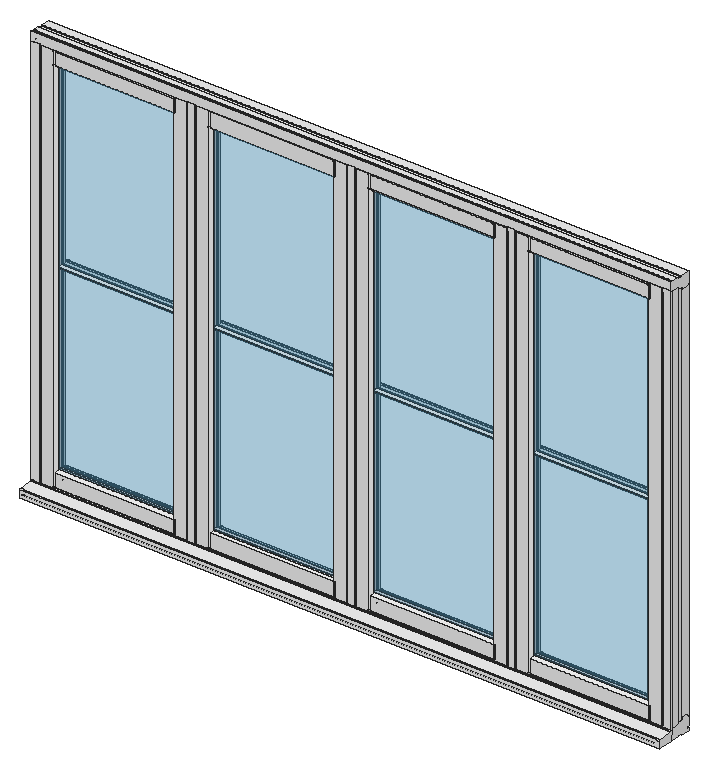
Revit family "C4-2P", category Windows, host Wall, Revit 2012
Parameters
  metal = Matel
  Wood = WindowColor
  Str.Tolrance = 11 mm
  Height = 1770 mm
  Glass = Glass
  Default Sill Height = 914.4 mm
  Wall Closure = By host
  Width = 2752 mm
Reference planes
  plane 1 "Center (Front/Back)": y = 0
  plane 2: z = 0
  plane 3 "Center (Left/Right)": x = 0
  plane 4 "Left": x = -1376
  plane 5 "Right": x = 1376
  plane 6 "Sill": z = 914.4
  plane 7 "Top": z = 2684.4
  plane 8: y = 33.076
  plane 9: z = 2648.4
  plane 10: x = 1336
  plane 11: x = -1336
  plane 12: z = 2644.4
  plane 13: z = 962.4
  plane 14: x = 1278
  plane 15: x = -1278
  plane 16: z = 1024.4
  plane 17: z = 2586.4
  plane 18: z = 2628.4
  plane 19: z = 1799.4
  plane 20: x = 688
  plane 21: x = -688
  plane 22: x = 706
  plane 23: x = 670
  plane 24: x = -706
  plane 25: x = -670
  plane 26: x = 18
  plane 27: x = -18
  plane 28: x = 1021
  plane 29: x = 344
  plane 30: x = -344
  plane 31: x = -1021
Forms (mm)
  Sweep 1, solid, material "Matel" <- "metal"
    path origin (0, 0, 0) x (1, 0, 0) y (0, 0, 1)
      loop
        line (1376, 914.4) -> (1376, 2648.4)
    profile origin (1376, 0, 1781.4) x (-1, 0, 0) y (0, -1, 0)
      loop
        line (0, -10) -> (0, -47) -> (43, -47) -> (43, -44)
        arc (43, -44) -> (50.071, -41.071) -> (53, -34) r 10
        line (53, -34) -> (56, -34) -> (56, -18) -> (36, -18) -> (36, -14) -> (44, -14) -> (44, -4) -> (36, -4) -> (36, -1) -> (44, -1) -> (44, 7) -> (36, 7) -> (36, 31.727)
        arc (36, 31.727) -> (34.922, 33.441) -> (33, 34.079) r 3
        line (33, 34.079) -> (33, 41)
        arc (33, 41) -> (34.834, 41.499) -> (36, 43) r 3
        line (36, 43) -> (36, 47) -> (0, 47) -> (0, 42) -> (2, 42)
        arc (2, 42) -> (5, 39) -> (2, 36) r 3
        line (2, 36) -> (0, 36) -> (0, 10) -> (5, 10) -> (5, -10) -> (0, -10)
  Sweep 2, solid, material "Matel" <- "metal"
    path origin (0, 0, 0) x (1, 0, 0) y (0, 0, 1)
      loop
        line (1336, 914.4) -> (1336, 2644.4)
    profile origin (1336, 0, 1779.4) x (-1, 0, 0) y (0, -1, 0)
      loop
        arc (8, -11.25) -> (8.879, -13.371) -> (11, -14.25) r 3
        line (11, -14.25) -> (52, -14.25) -> (52, 33.75) -> (68, 33.75) -> (68, 35.75) -> (58, 45.75) -> (3, 45.75)
        arc (3, 45.75) -> (0.879, 44.871) -> (0, 42.75) r 3
        line (0, 42.75) -> (0, 40.75)
        arc (0, 40.75) -> (0.879, 38.629) -> (3, 37.75) r 3
        line (3, 37.75) -> (8, 37.75) -> (8, 26.75)
        arc (8, 26.75) -> (8.586, 25.336) -> (10, 24.75) r 2
        line (10, 24.75) -> (10, 6.75)
        arc (10, 6.75) -> (8.586, 6.164) -> (8, 4.75) r 2
        line (8, 4.75) -> (8, -11.25)
  Sweep 3, solid, material "Matel" <- "metal"
    path origin (0, 0, 0) x (-1, 0, 0) y (0, 0, 1)
      loop
        line (1376, 914.4) -> (1376, 2648.4)
    profile origin (-1376, 0, 1781.4) x (-1, 0, 0) y (0, -1, 0)
      loop
        line (0, -10) -> (-5, -10) -> (-5, 10) -> (0, 10) -> (0, 36) -> (-2, 36)
        arc (-2, 36) -> (-5, 39) -> (-2, 42) r 3
        line (-2, 42) -> (0, 42) -> (0, 47) -> (-36, 47) -> (-36, 43)
        arc (-36, 43) -> (-34.834, 41.499) -> (-33, 41) r 3
        line (-33, 41) -> (-33, 34.079)
        arc (-33, 34.079) -> (-34.922, 33.441) -> (-36, 31.727) r 3
        line (-36, 31.727) -> (-36, 7) -> (-44, 7) -> (-44, -1) -> (-36, -1) -> (-36, -4) -> (-44, -4) -> (-44, -14) -> (-36, -14) -> (-36, -18) -> (-56, -18) -> (-56, -34) -> (-53, -34)
        arc (-53, -34) -> (-50.071, -41.071) -> (-43, -44) r 10
        line (-43, -44) -> (-43, -47) -> (0, -47) -> (0, -10)
  Sweep 4, solid, material "Matel" <- "metal"
    path origin (-2484.788, 0, 2651.344) x (0, 0, 1) y (1, 0, 0)
      loop
        line (33.056, 1108.788) -> (33.056, 3860.788)
    profile origin (0, 0, 2684.4) x (0, 0, 1) y (0, -1, 0)
      loop
        line (0, -10) -> (-5, -10) -> (-5, 10) -> (0, 10) -> (0, 36) -> (-2, 36)
        arc (-2, 36) -> (-5, 39) -> (-2, 42) r 3
        line (-2, 42) -> (0, 42) -> (0, 47) -> (-36, 47) -> (-36, 43)
        arc (-36, 43) -> (-34.834, 41.499) -> (-33, 41) r 3
        line (-33, 41) -> (-33, 34.079)
        arc (-33, 34.079) -> (-34.922, 33.441) -> (-36, 31.727) r 3
        line (-36, 31.727) -> (-36, 7) -> (-44, 7) -> (-44, -1) -> (-36, -1) -> (-36, -4) -> (-44, -4) -> (-44, -14) -> (-36, -14) -> (-36, -18) -> (-56, -18) -> (-56, -34) -> (-53, -34)
        arc (-53, -34) -> (-50.071, -41.071) -> (-43, -44) r 10
        line (-43, -44) -> (-43, -47) -> (0, -47) -> (0, -10)
  Sweep 5, solid, material "Matel" <- "metal"
    path origin (0, 0, 0) x (1, 0, 0) y (0, 0, 1)
      loop
        line (1376, 914.4) -> (-1376, 914.4)
    profile origin (0, 0, 914.4) x (0, 0, -1) y (0, -1, 0)
      loop
        line (-55, -46) -> (-20, -46) -> (-20, -36) -> (-10, -36) -> (-10, -46) -> (0, -46) -> (0, -9) -> (-5, -9) -> (-5, 11) -> (0, 11) -> (0, 37) -> (-2, 37)
        arc (-2, 37) -> (-5, 40) -> (-2, 43) r 3
        line (-2, 43) -> (0, 43) -> (0, 48) -> (-23, 48) -> (-23, 43) -> (-38, 43) -> (-38, 48) -> (-41, 48)
        arc (-41, 48) -> (-42.414, 47.414) -> (-43, 46) r 2
        line (-43, 46) -> (-48, 6) -> (-53, 6) -> (-56, -17) -> (-57, -17) -> (-57, -23) -> (-60, -23) -> (-60, -17) -> (-68, -17) -> (-68, -33) -> (-65, -33)
        arc (-65, -33) -> (-62.071, -40.071) -> (-55, -43) r 10
        line (-55, -43) -> (-55, -46)
  Sweep 6, solid, material "Matel" <- "metal"
    path origin (0, 0, 0) x (1, 0, 0) y (0, 0, 1)
      loop
        line (1376, 914.4) -> (-1376, 914.4)
    profile origin (0, 0, 914.4) x (0, 0, -1) y (0, -1, 0)
      loop
        line (-2, 103) -> (0, 103) -> (0, 108) -> (-28, 108)
        arc (-28, 108) -> (-30.068, 107.174) -> (-30.996, 105.149) r 3
        line (-30.996, 105.149) -> (-38, 48) -> (-38, 43) -> (-23, 43) -> (-23, 48) -> (0, 48) -> (0, 97) -> (-2, 97)
        arc (-2, 97) -> (-5, 100) -> (-2, 103) r 3
  Sweep 7, solid, material "Matel" <- "metal"
    path origin (0, 0, 0) x (1, 0, 0) y (0, 0, 1)
      loop
        line (1284, 957.4) -> (758, 957.4)
    profile origin (1021, 0, 957.4) x (0, 0, -1) y (0, -1, 0)
      loop
        line (-12, -11.75) -> (-12, 4.25)
        arc (-12, 4.25) -> (-12.586, 5.664) -> (-14, 6.25) r 2
        line (-14, 6.25) -> (-14, 24.25)
        arc (-14, 24.25) -> (-12.586, 24.836) -> (-12, 26.25) r 2
        line (-12, 26.25) -> (-12, 37.25) -> (-3, 37.25)
        arc (-3, 37.25) -> (-0.879, 38.129) -> (0, 40.25) r 3
        line (0, 40.25) -> (0, 42.25)
        arc (0, 42.25) -> (-0.879, 44.371) -> (-3, 45.25) r 3
        line (-3, 45.25) -> (-62, 45.25) -> (-72, 35.25) -> (-72, 33.25) -> (-56, 33.25) -> (-56, -14.75) -> (-15, -14.75)
        arc (-15, -14.75) -> (-12.879, -13.871) -> (-12, -11.75) r 3
  Sweep 8, solid, material "Matel" <- "metal"
    path origin (0, 0, 0) x (1, 0, 0) y (0, 0, 1)
      loop
        line (1278, 2586.4) -> (764, 2586.4) -> (764, 1019.4) -> (1278, 1019.4) -> (1278, 2586.4)
    profile origin (1021, 0, 2586.4) x (0, 0, -1) y (0, -1, 0)
      loop
        line (-1, -10) -> (-1, -7)
        arc (-1, -7) -> (4.657, -4.657) -> (7, 1) r 8
        line (7, 1) -> (10, 1) -> (10, 5) -> (6, 6) -> (6, 9) -> (-6, 9) -> (-6, -10) -> (-1, -10)
  Sweep 9, solid
    path origin (0, 0, 0) x (1, 0, 0) y (0, 0, 1)
      loop
        line (-764, 2586.4) -> (-1278, 2586.4) -> (-1278, 1024.4) -> (-764, 1024.4) -> (-764, 2586.4)
    profile origin (-1021, 0, 2586.4) x (0, 0, -1) y (0, -1, 0)
      loop
        line (-6, 13.165) -> (4, 13.165) -> (4, 29.165) -> (-6, 29.165) -> (-6, 13.165)
  Extrusion 10, solid, material "Glass" <- "Glass"
    sketch origin (0, 0, 0) x (1, 0, 0) y (0, 0, 1)
      loop
        line (1278, 2586.4) -> (764, 2586.4) -> (764, 1024.4) -> (1278, 1024.4) -> (1278, 2586.4)
      loop
        line (76, 2586.4) -> (76, 1024.4) -> (612, 1024.4) -> (612, 2586.4) -> (76, 2586.4)
      loop
        line (-1284, 2586.4) -> (-1284, 1024.4) -> (-758, 1024.4) -> (-758, 2586.4) -> (-1284, 2586.4)
      loop
        line (-76, 2586.4) -> (-618, 2586.4) -> (-618, 1024.4) -> (-76, 1024.4) -> (-76, 2586.4)
    from 29.165 to 33.165
  Extrusion 11, solid, material "Glass" <- "Glass"
    sketch origin (0, -51.875, 0) x (1, 0, 0) y (0, 0, -1)
      loop
        line (1278, -2586.4) -> (1278, -1024.4) -> (758, -1024.4) -> (758, -2586.4) -> (1278, -2586.4)
      loop
        line (76, -2586.4) -> (612, -2586.4) -> (612, -1025.4) -> (76, -1025.4) -> (76, -2586.4)
      loop
        line (-1278, -2586.4) -> (-764, -2586.4) -> (-764, -1013.4) -> (-1278, -1013.4) -> (-1278, -2586.4)
      loop
        line (-76, -2586.4) -> (-76, -1025.4) -> (-612, -1025.4) -> (-612, -2586.4) -> (-76, -2586.4)
    from 38.875 to 42.875
  Sweep 12, void
    path origin (0, 0, 0) x (1, 0, 0) y (0, 1, 0)
      loop
        line (-1376, 0) -> (1376, 0)
    profile origin (0, 0, 0) x (0, 1, 0) y (0, 0, 1)
      loop
        line (46, 969.4) -> (43, 969.4)
        arc (43, 969.4) -> (40.071, 976.471) -> (33, 979.4) r 10
        line (33, 979.4) -> (33, 982.4) -> (17, 982.4) -> (17, 974.4) -> (23, 974.4) -> (23, 971.4) -> (17, 971.4) -> (17, 970.4) -> (-6, 967.4) -> (-6, 962.4) -> (-46, 957.4)
        arc (-46, 957.4) -> (-47.414, 956.814) -> (-48, 955.4) r 2
        line (-48, 955.4) -> (-48, 952.4) -> (-80.364, 948.378) -> (-105.37, 945.377) -> (-130.37, 942.377)
        arc (-130.37, 942.377) -> (-132.248, 941.386) -> (-133, 939.4) r 3
        line (-133, 939.4) -> (-133, 909.4) -> (57, 909.4) -> (57, 969.4) -> (46, 969.4)
  Sweep 13, void
    path origin (0, 0, 0) x (1, 0, 0) y (0, 1, 0)
      loop
        line (-1376, 0) -> (1376, 0)
    profile origin (0, 0, 0) x (0, 1, 0) y (0, 0, 1)
      loop
        line (47, 2641.4) -> (57, 2641.4) -> (57, 2691.4) -> (-58, 2691.4) -> (-58, 2648.4) -> (-47, 2648.4) -> (-43, 2648.4)
        arc (-43, 2648.4) -> (-41.499, 2649.566) -> (-41, 2651.4) r 3
        line (-41, 2651.4) -> (-34.079, 2651.4)
        arc (-34.079, 2651.4) -> (-33.441, 2649.478) -> (-31.727, 2648.4) r 3
        line (-31.727, 2648.4) -> (-7, 2648.4) -> (-7, 2640.4) -> (1, 2640.4) -> (1, 2648.4) -> (4, 2648.4) -> (4, 2640.4) -> (14, 2640.4) -> (14, 2648.4) -> (18, 2648.4) -> (18, 2628.4) -> (34, 2628.4) -> (34, 2631.4)
        arc (34, 2631.4) -> (41.071, 2634.329) -> (44, 2641.4) r 10
        line (44, 2641.4) -> (47, 2641.4)
  Sweep 14, solid, material "Matel" <- "metal"
    path origin (0, 0, 0) x (1, 0, 0) y (0, 0, 1)
      loop
        line (1278, 1799.4) -> (-1278, 1799.4)
    profile origin (0, 0, 1799.4) x (0, 0, -1) y (0, -1, 0)
      loop
        line (10, -10.711) -> (-10, -10.711) -> (-10, -16.711) -> (-8, -16.711) -> (-8, -19.211)
        arc (-8, -19.211) -> (-6.294, -23.727) -> (-2.5, -26.711) r 9
        line (-2.5, -26.711) -> (-2.5, -28.711) -> (2.5, -28.711) -> (2.5, -26.711)
        arc (2.5, -26.711) -> (6.294, -23.727) -> (8, -19.211) r 9
        line (8, -19.211) -> (8, -16.711) -> (10, -16.711) -> (10, -10.711)
      loop
        line (10, 18.378) -> (2.551, 26.532) -> (2.551, 28.532) -> (-2.449, 28.532) -> (-2.449, 26.532) -> (-10, 15.578) -> (10, 15.578) -> (10, 18.378)
  Sweep 15, solid, material "Matel" <- "metal"
    path origin (0, 0, 0) x (1, 0, 0) y (0, 0, 1)
      loop
        line (1278, 1799.4) -> (-1278, 1799.4)
    profile origin (0, 0, 1799.4) x (0, 0, -1) y (0, -1, 0)
      loop
        line (10, -5.465) -> (10, 10.535) -> (-10, 10.535) -> (-10, -5.465) -> (10, -5.465)
  Sweep 16, solid, material "Matel" <- "metal"
    path origin (0, 0, 0) x (1, 0, 0) y (0, 0, 1)
      loop
        line (688, 2648.4) -> (688, 952.4)
    profile origin (688, 0, 1800.4) x (0, -1, 0) y (1, 0, 0)
      loop
        line (43, -14) -> (47, -14) -> (47, 14) -> (43, 14)
        arc (43, 14) -> (41.586, 13.414) -> (41, 12) r 2
        line (41, 12) -> (41, 11) -> (34, 11) -> (34, 12)
        arc (34, 12) -> (33.414, 13.414) -> (32, 14) r 2
        line (32, 14) -> (7, 14) -> (7, 20) -> (-1, 20) -> (-1, 14) -> (-4, 14) -> (-4, 22) -> (-14, 22) -> (-14, 14) -> (-18, 14) -> (-18, 34) -> (-34, 34) -> (-34, 31)
        arc (-34, 31) -> (-41.071, 28.071) -> (-44, 21) r 10
        line (-44, 21) -> (-47, 21) -> (-47, -21) -> (-44, -21)
        arc (-44, -21) -> (-41.071, -28.071) -> (-34, -31) r 10
        line (-34, -31) -> (-34, -34) -> (-18, -34) -> (-18, -14) -> (-14, -14) -> (-14, -22) -> (-4, -22) -> (-4, -14) -> (-1, -14) -> (-1, -20) -> (7, -20) -> (7, -14) -> (32, -14)
        arc (32, -14) -> (33.414, -13.414) -> (34, -12) r 2
        line (34, -12) -> (34, -11) -> (41, -11) -> (41, -12)
        arc (41, -12) -> (41.586, -13.414) -> (43, -14) r 2
  Sweep 17, solid, material "Matel" <- "metal"
    path origin (0, 0, 0) x (-1, 0, 0) y (0, 0, 1)
      loop
        line (688, 2648.4) -> (688, 952.4)
    profile origin (-688, 0, 1800.4) x (0, -1, 0) y (1, 0, 0)
      loop
        arc (43, 14) -> (41.586, 13.414) -> (41, 12) r 2
        line (41, 12) -> (41, 11) -> (34, 11) -> (34, 12)
        arc (34, 12) -> (33.414, 13.414) -> (32, 14) r 2
        line (32, 14) -> (7, 14) -> (7, 20) -> (-1, 20) -> (-1, 14) -> (-4, 14) -> (-4, 22) -> (-14, 22) -> (-14, 14) -> (-18, 14) -> (-18, 34) -> (-34, 34) -> (-34, 31)
        arc (-34, 31) -> (-41.071, 28.071) -> (-44, 21) r 10
        line (-44, 21) -> (-47, 21) -> (-47, -21) -> (-44, -21)
        arc (-44, -21) -> (-41.071, -28.071) -> (-34, -31) r 10
        line (-34, -31) -> (-34, -34) -> (-18, -34) -> (-18, -14) -> (-14, -14) -> (-14, -22) -> (-4, -22) -> (-4, -14) -> (-1, -14) -> (-1, -20) -> (7, -20) -> (7, -14) -> (32, -14)
        arc (32, -14) -> (33.414, -13.414) -> (34, -12) r 2
        line (34, -12) -> (34, -11) -> (41, -11) -> (41, -12)
        arc (41, -12) -> (41.586, -13.414) -> (43, -14) r 2
        line (43, -14) -> (47, -14) -> (47, 14) -> (43, 14)
  Sweep 18, solid, material "Matel" <- "metal"
    path origin (680, 0, 0) x (-1, 0, 0) y (0, 0, 1)
      loop
        line (680, 2648.4) -> (680, 952.4)
    profile origin (0, 0, 1800.4) x (0, -1, 0) y (1, 0, 0)
      loop
        arc (43, 14) -> (41.586, 13.414) -> (41, 12) r 2
        line (41, 12) -> (41, 11) -> (34, 11) -> (34, 12)
        arc (34, 12) -> (33.414, 13.414) -> (32, 14) r 2
        line (32, 14) -> (7, 14) -> (7, 20) -> (-1, 20) -> (-1, 14) -> (-4, 14) -> (-4, 22) -> (-14, 22) -> (-14, 14) -> (-18, 14) -> (-18, 34) -> (-34, 34) -> (-34, 31)
        arc (-34, 31) -> (-41.071, 28.071) -> (-44, 21) r 10
        line (-44, 21) -> (-47, 21) -> (-47, -21) -> (-44, -21)
        arc (-44, -21) -> (-41.071, -28.071) -> (-34, -31) r 10
        line (-34, -31) -> (-34, -34) -> (-18, -34) -> (-18, -14) -> (-14, -14) -> (-14, -22) -> (-4, -22) -> (-4, -14) -> (-1, -14) -> (-1, -20) -> (7, -20) -> (7, -14) -> (32, -14)
        arc (32, -14) -> (33.414, -13.414) -> (34, -12) r 2
        line (34, -12) -> (34, -11) -> (41, -11) -> (41, -12)
        arc (41, -12) -> (41.586, -13.414) -> (43, -14) r 2
        line (43, -14) -> (47, -14) -> (47, 14) -> (43, 14)
  Sweep 19, solid, material "Matel" <- "metal"
    path origin (1376, 0, 0) x (-1, 0, 0) y (0, 0, 1)
      loop
        line (1358, 914.4) -> (1358, 2644.4)
    profile origin (18, 0, 1779.4) x (-1, 0, 0) y (0, -1, 0)
      loop
        line (-8, -11.25) -> (-8, 4.75)
        arc (-8, 4.75) -> (-8.586, 6.164) -> (-10, 6.75) r 2
        line (-10, 6.75) -> (-10, 24.75)
        arc (-10, 24.75) -> (-8.586, 25.336) -> (-8, 26.75) r 2
        line (-8, 26.75) -> (-8, 37.75) -> (-3, 37.75)
        arc (-3, 37.75) -> (-0.879, 38.629) -> (0, 40.75) r 3
        line (0, 40.75) -> (0, 42.75)
        arc (0, 42.75) -> (-0.879, 44.871) -> (-3, 45.75) r 3
        line (-3, 45.75) -> (-58, 45.75) -> (-68, 35.75) -> (-68, 33.75) -> (-52, 33.75) -> (-52, -14.25) -> (-11, -14.25)
        arc (-11, -14.25) -> (-8.879, -13.371) -> (-8, -11.25) r 3
  Sweep 20, solid, material "Matel" <- "metal"
    path origin (-1376, 0, 0) x (1, 0, 0) y (0, 0, 1)
      loop
        line (1358, 914.4) -> (1358, 2644.4)
    profile origin (-18, 0, 1779.4) x (-1, 0, 0) y (0, -1, 0)
      loop
        arc (8, -11.25) -> (8.879, -13.371) -> (11, -14.25) r 3
        line (11, -14.25) -> (52, -14.25) -> (52, 33.75) -> (68, 33.75) -> (68, 35.75) -> (58, 45.75) -> (3, 45.75)
        arc (3, 45.75) -> (0.879, 44.871) -> (0, 42.75) r 3
        line (0, 42.75) -> (0, 40.75)
        arc (0, 40.75) -> (0.879, 38.629) -> (3, 37.75) r 3
        line (3, 37.75) -> (8, 37.75) -> (8, 26.75)
        arc (8, 26.75) -> (8.586, 25.336) -> (10, 24.75) r 2
        line (10, 24.75) -> (10, 6.75)
        arc (10, 6.75) -> (8.586, 6.164) -> (8, 4.75) r 2
        line (8, 4.75) -> (8, -11.25)
  Sweep 21, solid, material "Matel" <- "metal"
    path origin (0, 0, 0) x (-1, 0, 0) y (0, 0, 1)
      loop
        line (1336, 914.4) -> (1336, 2644.4)
    profile origin (-1336, 0, 1779.4) x (-1, 0, 0) y (0, -1, 0)
      loop
        line (-8, -11.25) -> (-8, 4.75)
        arc (-8, 4.75) -> (-8.586, 6.164) -> (-10, 6.75) r 2
        line (-10, 6.75) -> (-10, 24.75)
        arc (-10, 24.75) -> (-8.586, 25.336) -> (-8, 26.75) r 2
        line (-8, 26.75) -> (-8, 37.75) -> (-3, 37.75)
        arc (-3, 37.75) -> (-0.879, 38.629) -> (0, 40.75) r 3
        line (0, 40.75) -> (0, 42.75)
        arc (0, 42.75) -> (-0.879, 44.871) -> (-3, 45.75) r 3
        line (-3, 45.75) -> (-58, 45.75) -> (-68, 35.75) -> (-68, 33.75) -> (-52, 33.75) -> (-52, -14.25) -> (-11, -14.25)
        arc (-11, -14.25) -> (-8.879, -13.371) -> (-8, -11.25) r 3
  Sweep 22, solid, material "Matel" <- "metal"
    path origin (1376, 0, 0) x (-1, 0, 0) y (0, 0, 1)
      loop
        line (1306, 957.4) -> (758, 957.4)
    profile origin (344, 0, 957.4) x (0, 0, 1) y (0, -1, 0)
      loop
        arc (12, -11.75) -> (12.879, -13.871) -> (15, -14.75) r 3
        line (15, -14.75) -> (56, -14.75) -> (56, 33.25) -> (72, 33.25) -> (72, 35.25) -> (62, 45.25) -> (3, 45.25)
        arc (3, 45.25) -> (0.879, 44.371) -> (0, 42.25) r 3
        line (0, 42.25) -> (0, 40.25)
        arc (0, 40.25) -> (0.879, 38.129) -> (3, 37.25) r 3
        line (3, 37.25) -> (12, 37.25) -> (12, 26.25)
        arc (12, 26.25) -> (12.586, 24.836) -> (14, 24.25) r 2
        line (14, 24.25) -> (14, 6.25)
        arc (14, 6.25) -> (12.586, 5.664) -> (12, 4.25) r 2
        line (12, 4.25) -> (12, -11.75)
  Sweep 23, solid, material "Matel" <- "metal"
    path origin (0, 0, 0) x (-1, 0, 0) y (0, 0, 1)
      loop
        line (1284, 957.4) -> (758, 957.4)
    profile origin (-1021, 0, 957.4) x (0, 0, 1) y (0, -1, 0)
      loop
        arc (12, -11.75) -> (12.879, -13.871) -> (15, -14.75) r 3
        line (15, -14.75) -> (56, -14.75) -> (56, 33.25) -> (72, 33.25) -> (72, 35.25) -> (62, 45.25) -> (3, 45.25)
        arc (3, 45.25) -> (0.879, 44.371) -> (0, 42.25) r 3
        line (0, 42.25) -> (0, 40.25)
        arc (0, 40.25) -> (0.879, 38.129) -> (3, 37.25) r 3
        line (3, 37.25) -> (12, 37.25) -> (12, 26.25)
        arc (12, 26.25) -> (12.586, 24.836) -> (14, 24.25) r 2
        line (14, 24.25) -> (14, 6.25)
        arc (14, 6.25) -> (12.586, 5.664) -> (12, 4.25) r 2
        line (12, 4.25) -> (12, -11.75)
  Sweep 24, solid, material "Matel" <- "metal"
    path origin (-1376, 0, 0) x (1, 0, 0) y (0, 0, 1)
      loop
        line (1306, 957.4) -> (758, 957.4)
    profile origin (-344, 0, 957.4) x (0, 0, -1) y (0, -1, 0)
      loop
        line (-12, -11.75) -> (-12, 4.25)
        arc (-12, 4.25) -> (-12.586, 5.664) -> (-14, 6.25) r 2
        line (-14, 6.25) -> (-14, 24.25)
        arc (-14, 24.25) -> (-12.586, 24.836) -> (-12, 26.25) r 2
        line (-12, 26.25) -> (-12, 37.25) -> (-3, 37.25)
        arc (-3, 37.25) -> (-0.879, 38.129) -> (0, 40.25) r 3
        line (0, 40.25) -> (0, 42.25)
        arc (0, 42.25) -> (-0.879, 44.371) -> (-3, 45.25) r 3
        line (-3, 45.25) -> (-62, 45.25) -> (-72, 35.25) -> (-72, 33.25) -> (-56, 33.25) -> (-56, -14.75) -> (-15, -14.75)
        arc (-15, -14.75) -> (-12.879, -13.871) -> (-12, -11.75) r 3
  Sweep 25, solid, material "Matel" <- "metal"
    path origin (-688, 0, 0) x (1, 0, 0) y (0, 0, 1)
      loop
        line (1300, 2586.4) -> (764, 2586.4) -> (764, 1019.4) -> (1300, 1019.4) -> (1300, 2586.4)
    profile origin (344, 0, 2586.4) x (0, 0, -1) y (0, -1, 0)
      loop
        line (-1, -10) -> (-1, -7)
        arc (-1, -7) -> (4.657, -4.657) -> (7, 1) r 8
        line (7, 1) -> (10, 1) -> (10, 5) -> (6, 6) -> (6, 9) -> (-6, 9) -> (-6, -10) -> (-1, -10)
  Sweep 26, solid, material "Matel" <- "metal"
    path origin (-1376, 0, 0) x (1, 0, 0) y (0, 0, 1)
      loop
        line (1300, 2586.4) -> (764, 2586.4) -> (764, 1019.4) -> (1300, 1019.4) -> (1300, 2586.4)
    profile origin (-344, 0, 2586.4) x (0, 0, -1) y (0, -1, 0)
      loop
        line (-1, -10) -> (-1, -7)
        arc (-1, -7) -> (4.657, -4.657) -> (7, 1) r 8
        line (7, 1) -> (10, 1) -> (10, 5) -> (6, 6) -> (6, 9) -> (-6, 9) -> (-6, -10) -> (-1, -10)
  Sweep 27, solid, material "Matel" <- "metal"
    path origin (-2042, 0, 0) x (1, 0, 0) y (0, 0, 1)
      loop
        line (1278, 2586.4) -> (764, 2586.4) -> (764, 1019.4) -> (1278, 1019.4) -> (1278, 2586.4)
    profile origin (-1021, 0, 2586.4) x (0, 0, -1) y (0, -1, 0)
      loop
        line (-1, -10) -> (-1, -7)
        arc (-1, -7) -> (4.657, -4.657) -> (7, 1) r 8
        line (7, 1) -> (10, 1) -> (10, 5) -> (6, 6) -> (6, 9) -> (-6, 9) -> (-6, -10) -> (-1, -10)
  Sweep 28, solid
    path origin (-1376, 0, 0) x (-1, 0, 0) y (0, 0, 1)
      loop
        line (-764, 2586.4) -> (-1300, 2586.4) -> (-1300, 1024.4) -> (-764, 1024.4) -> (-764, 2586.4)
    profile origin (-344, 0, 2586.4) x (0, 0, 1) y (0, -1, 0)
      loop
        line (6, 13.165) -> (6, 29.165) -> (-4, 29.165) -> (-4, 13.165) -> (6, 13.165)
  Sweep 29, solid
    path origin (-688, -0.022, 0) x (-1, 0, 0) y (0, 0, 1)
      loop
        line (-764, 2586.4) -> (-1300, 2586.4) -> (-1300, 1024.4) -> (-764, 1024.4) -> (-764, 2586.4)
    profile origin (344, -0.022, 2586.4) x (0, 0, 1) y (0, -1, 0)
      loop
        line (6, 13.165) -> (6, 29.165) -> (-4, 29.165) -> (-4, 13.165) -> (6, 13.165)
  Sweep 30, solid
    path origin (0, 0, 0) x (-1, 0, 0) y (0, 0, 1)
      loop
        line (-764, 2586.4) -> (-1278, 2586.4) -> (-1278, 1024.4) -> (-764, 1024.4) -> (-764, 2586.4)
    profile origin (1021, 0, 2586.4) x (0, 0, 1) y (0, -1, 0)
      loop
        line (6, 13.165) -> (6, 29.165) -> (-4, 29.165) -> (-4, 13.165) -> (6, 13.165)
  Sweep 31, solid, material "Matel" <- "metal"
    path origin (688, 0, 0) x (-1, 0, 0) y (0, 0, 1)
      loop
        line (1358, 914.4) -> (1358, 2644.4)
    profile origin (-670, 0, 1779.4) x (-1, 0, 0) y (0, -1, 0)
      loop
        line (-8, -11.25) -> (-8, 4.75)
        arc (-8, 4.75) -> (-8.586, 6.164) -> (-10, 6.75) r 2
        line (-10, 6.75) -> (-10, 24.75)
        arc (-10, 24.75) -> (-8.586, 25.336) -> (-8, 26.75) r 2
        line (-8, 26.75) -> (-8, 37.75) -> (-3, 37.75)
        arc (-3, 37.75) -> (-0.879, 38.629) -> (0, 40.75) r 3
        line (0, 40.75) -> (0, 42.75)
        arc (0, 42.75) -> (-0.879, 44.871) -> (-3, 45.75) r 3
        line (-3, 45.75) -> (-58, 45.75) -> (-68, 35.75) -> (-68, 33.75) -> (-52, 33.75) -> (-52, -14.25) -> (-11, -14.25)
        arc (-11, -14.25) -> (-8.879, -13.371) -> (-8, -11.25) r 3
  Sweep 32, solid, material "Matel" <- "metal"
    path origin (-1376, 0, 4118.005) x (1, 0, 0) y (0, 0, -1)
      loop
        line (1306, 1473.605) -> (758, 1473.605)
    profile origin (-344, 0, 2644.4) x (0, 0, -1) y (0, -1, 0)
      loop
        arc (12, -11.75) -> (12.879, -13.871) -> (15, -14.75) r 3
        line (15, -14.75) -> (56, -14.75) -> (56, 33.25) -> (72, 33.25) -> (72, 35.25) -> (62, 45.25) -> (3, 45.25)
        arc (3, 45.25) -> (0.879, 44.371) -> (0, 42.25) r 3
        line (0, 42.25) -> (0, 40.25)
        arc (0, 40.25) -> (0.879, 38.129) -> (3, 37.25) r 3
        line (3, 37.25) -> (12, 37.25) -> (12, 26.25)
        arc (12, 26.25) -> (12.586, 24.836) -> (14, 24.25) r 2
        line (14, 24.25) -> (14, 6.25)
        arc (14, 6.25) -> (12.586, 5.664) -> (12, 4.25) r 2
        line (12, 4.25) -> (12, -11.75)
  Sweep 33, solid, material "Matel" <- "metal"
    path origin (2042, 0, 0) x (-1, 0, 0) y (0, 0, 1)
      loop
        line (1336, 914.4) -> (1336, 2644.4)
    profile origin (706, 0, 1779.4) x (-1, 0, 0) y (0, -1, 0)
      loop
        line (-8, -11.25) -> (-8, 4.75)
        arc (-8, 4.75) -> (-8.586, 6.164) -> (-10, 6.75) r 2
        line (-10, 6.75) -> (-10, 24.75)
        arc (-10, 24.75) -> (-8.586, 25.336) -> (-8, 26.75) r 2
        line (-8, 26.75) -> (-8, 37.75) -> (-3, 37.75)
        arc (-3, 37.75) -> (-0.879, 38.629) -> (0, 40.75) r 3
        line (0, 40.75) -> (0, 42.75)
        arc (0, 42.75) -> (-0.879, 44.871) -> (-3, 45.75) r 3
        line (-3, 45.75) -> (-58, 45.75) -> (-68, 35.75) -> (-68, 33.75) -> (-52, 33.75) -> (-52, -14.25) -> (-11, -14.25)
        arc (-11, -14.25) -> (-8.879, -13.371) -> (-8, -11.25) r 3
  Sweep 34, solid, material "Matel" <- "metal"
    path origin (2727.858, 0, 2709.576) x (0, 0, 1) y (-1, 0, 0)
      loop
        line (-65.176, 1443.858) -> (-65.176, 1969.858)
    profile origin (1021, 0, 2644.4) x (0, 0, -1) y (0, -1, 0)
      loop
        arc (8, -11.75) -> (8.879, -13.871) -> (11, -14.75) r 3
        line (11, -14.75) -> (52, -14.75) -> (52, 33.25) -> (68, 33.25) -> (68, 35.25) -> (58, 45.25) -> (3, 45.25)
        arc (3, 45.25) -> (0.879, 44.371) -> (0, 42.25) r 3
        line (0, 42.25) -> (0, 40.25)
        arc (0, 40.25) -> (0.879, 38.129) -> (3, 37.25) r 3
        line (3, 37.25) -> (8, 37.25) -> (8, 26.25)
        arc (8, 26.25) -> (8.586, 24.836) -> (10, 24.25) r 2
        line (10, 24.25) -> (10, 6.25)
        arc (10, 6.25) -> (8.586, 5.664) -> (8, 4.25) r 2
        line (8, 4.25) -> (8, -11.75)
  Sweep 35, solid, material "Matel" <- "metal"
    path origin (-688, 0, 0) x (1, 0, 0) y (0, 0, 1)
      loop
        line (1358, 914.4) -> (1358, 2644.4)
    profile origin (670, 0, 1779.4) x (-1, 0, 0) y (0, -1, 0)
      loop
        arc (8, -11.25) -> (8.879, -13.371) -> (11, -14.25) r 3
        line (11, -14.25) -> (52, -14.25) -> (52, 33.75) -> (68, 33.75) -> (68, 35.75) -> (58, 45.75) -> (3, 45.75)
        arc (3, 45.75) -> (0.879, 44.871) -> (0, 42.75) r 3
        line (0, 42.75) -> (0, 40.75)
        arc (0, 40.75) -> (0.879, 38.629) -> (3, 37.75) r 3
        line (3, 37.75) -> (8, 37.75) -> (8, 26.75)
        arc (8, 26.75) -> (8.586, 25.336) -> (10, 24.75) r 2
        line (10, 24.75) -> (10, 6.75)
        arc (10, 6.75) -> (8.586, 6.164) -> (8, 4.75) r 2
        line (8, 4.75) -> (8, -11.25)
  Sweep 36, solid, material "Matel" <- "metal"
    path origin (-2042, 0, 0) x (1, 0, 0) y (0, 0, 1)
      loop
        line (1336, 914.4) -> (1336, 2644.4)
    profile origin (-706, 0, 1779.4) x (-1, 0, 0) y (0, -1, 0)
      loop
        arc (8, -11.25) -> (8.879, -13.371) -> (11, -14.25) r 3
        line (11, -14.25) -> (52, -14.25) -> (52, 33.75) -> (68, 33.75) -> (68, 35.75) -> (58, 45.75) -> (3, 45.75)
        arc (3, 45.75) -> (0.879, 44.871) -> (0, 42.75) r 3
        line (0, 42.75) -> (0, 40.75)
        arc (0, 40.75) -> (0.879, 38.629) -> (3, 37.75) r 3
        line (3, 37.75) -> (8, 37.75) -> (8, 26.75)
        arc (8, 26.75) -> (8.586, 25.336) -> (10, 24.75) r 2
        line (10, 24.75) -> (10, 6.75)
        arc (10, 6.75) -> (8.586, 6.164) -> (8, 4.75) r 2
        line (8, 4.75) -> (8, -11.25)
  Sweep 37, solid, material "Matel" <- "metal"
    path origin (792.4, 0, 2700.511) x (0, 0, 1) y (-1, 0, 0)
      loop
        line (-56.111, 1550.4) -> (-56.111, 2076.4)
    profile origin (-1021, 0, 2644.4) x (0, 0, -1) y (0, -1, 0)
      loop
        arc (8, -11.75) -> (8.879, -13.871) -> (11, -14.75) r 3
        line (11, -14.75) -> (52, -14.75) -> (52, 33.25) -> (68, 33.25) -> (68, 35.25) -> (58, 45.25) -> (3, 45.25)
        arc (3, 45.25) -> (0.879, 44.371) -> (0, 42.25) r 3
        line (0, 42.25) -> (0, 40.25)
        arc (0, 40.25) -> (0.879, 38.129) -> (3, 37.25) r 3
        line (3, 37.25) -> (8, 37.25) -> (8, 26.25)
        arc (8, 26.25) -> (8.586, 24.836) -> (10, 24.25) r 2
        line (10, 24.25) -> (10, 6.25)
        arc (10, 6.25) -> (8.586, 5.664) -> (8, 4.25) r 2
        line (8, 4.25) -> (8, -11.75)
  Sweep 38, solid, material "Matel" <- "metal"
    path origin (2061.858, 0, 2709.576) x (0, 0, 1) y (-1, 0, 0)
      loop
        line (-65.176, 1443.858) -> (-65.176, 1991.858)
    profile origin (344, 0, 2644.4) x (0, 0, -1) y (0, -1, 0)
      loop
        arc (8, -11.75) -> (8.879, -13.871) -> (11, -14.75) r 3
        line (11, -14.75) -> (52, -14.75) -> (52, 33.25) -> (68, 33.25) -> (68, 35.25) -> (58, 45.25) -> (3, 45.25)
        arc (3, 45.25) -> (0.879, 44.371) -> (0, 42.25) r 3
        line (0, 42.25) -> (0, 40.25)
        arc (0, 40.25) -> (0.879, 38.129) -> (3, 37.25) r 3
        line (3, 37.25) -> (8, 37.25) -> (8, 26.25)
        arc (8, 26.25) -> (8.586, 24.836) -> (10, 24.25) r 2
        line (10, 24.25) -> (10, 6.25)
        arc (10, 6.25) -> (8.586, 5.664) -> (8, 4.25) r 2
        line (8, 4.25) -> (8, -11.75)
Cuts and joins
  Sweep 12, Sweep 13 cuts Sweep 1
  Sweep 12 cuts Sweep 2
  Sweep 12, Sweep 13 cuts Sweep 3
Lines and regions (mm)
  Opening 1
    outline origin (-1524, -47, 0) x (1, 0, 0) y (0, 0, 1)
      loop
        line (148, 2684.4) -> (148, 914.4) -> (2900, 914.4) -> (2900, 2684.4) -> (148, 2684.4)
Text (mm)
  text "EXTERIOR" at (-1490.695, 1293.036, 0), in view "Ref. Level"
  text "INTERIOR" at (-1490.695, -959.266, 0), in view "Ref. Level"
  text "Exterior" at (0, 1108.87, 3129.179), in view "Left"
  text "Exterior" at (0, 464.664, 3176.206), in view "Right"
Dimensions and locks
  equal spacing: plane 4 "Left", plane 3 "Center (Left/Right)", plane 5 "Right"  (x2)
  "Height": plane 6 "Sill" to plane 7 "Top"
  "Default Sill Height": plane 2 to plane 6 "Sill"
  plane 6 "Sill" to plane 7 "Top" = 1770 mm
  "Width": plane 4 "Left" to plane 5 "Right"
  locked: plane 9 to plane 7 "Top" at 36
  plane 10 to plane 5 "Right" = 40 mm
  plane 11 to plane 4 "Left" = 40 mm
  locked: plane 12 to plane 7 "Top" at 40
  locked: plane 6 "Sill" to plane 13 at 48
  locked: plane 5 "Right" to plane 14 at 98
  locked: plane 4 "Left" to plane 15 at 98
  locked: plane 6 "Sill" to plane 16 at 110
  locked: plane 17 to plane 7 "Top" at 98
  locked: Extrusion 10 to Extrusion 10 at 4
  locked: Extrusion 11 to Extrusion 11 at 4
  equal spacing: plane 6 "Sill", plane 19, plane 7 "Top"
  equal spacing: plane 3 "Center (Left/Right)", plane 21, plane 4 "Left"
  equal spacing: plane 5 "Right", plane 20, plane 3 "Center (Left/Right)"
  locked: plane 22 to plane 20 at 18
  locked: plane 20 to plane 23 at 18
  locked: plane 25 to plane 21 at 18
  locked: plane 21 to plane 24 at 18
  locked: plane 3 "Center (Left/Right)" to plane 27 at 18
  locked: plane 26 to plane 3 "Center (Left/Right)" at 18
  equal spacing: Sweep 8, plane 28, Sweep 8
  equal spacing: Sweep 25, plane 29, Sweep 25
  equal spacing: Sweep 26, plane 30, Sweep 26
  equal spacing: Sweep 27, plane 31, Sweep 27
  aligned and locked: plane 7 "Top" to Opening 1 sketch curve
  aligned and locked: plane 6 "Sill" to Opening 1 sketch curve  (x2)
  aligned and locked: plane 5 "Right" to Opening 1 sketch curve
  aligned and locked: plane 4 "Left" to Opening 1 sketch curve
  aligned and locked: level to plane 2
  aligned and locked: plane 5 "Right" to Sweep 1 sketch curve
  aligned and locked: plane 10 to Sweep 2 sketch curve
  aligned and locked: plane 9 to Sweep 1 sketch curve
  aligned and locked: plane 4 "Left" to Sweep 3 sketch curve
  aligned and locked: plane 9 to Sweep 3 sketch curve
  aligned and locked: plane 5 "Right" to Sweep 4 sketch curve
  aligned and locked: plane 4 "Left" to Sweep 4 sketch curve
  aligned and locked: plane 4 "Left" to Sweep 5 sketch curve
  aligned and locked: plane 5 "Right" to Sweep 5 sketch curve
  aligned and locked: Sweep 8 sketch curve to plane 14
  aligned and locked: Sweep 8 sketch curve to plane 17
  aligned and locked: Sweep 9 sketch curve to plane 15
  aligned and locked: plane 17 to Sweep 9 sketch curve
  aligned and locked: Sweep 9 sketch curve to plane 16
  aligned and locked: plane 16 to Extrusion 10 sketch curve
  aligned and locked: Extrusion 10 sketch curve to plane 17
  aligned and locked: Extrusion 10 sketch curve to plane 14
  aligned and locked: Extrusion 10 to Sweep 9
  aligned and locked: plane 6 "Sill" to Sweep 5
  aligned and locked: plane 6 "Sill" to Sweep 6
  aligned and locked: Sweep 4 to plane 7 "Top"
  aligned and locked: Sweep 7 sketch curve to Sweep 5
  aligned and locked: plane 14 to Sweep 14 sketch curve
  aligned and locked: plane 15 to Sweep 14 sketch curve
  aligned and locked: Sweep 14 sketch curve to plane 19
  aligned and locked: plane 14 to Sweep 15 sketch curve
  aligned and locked: plane 15 to Sweep 15 sketch curve
  aligned and locked: Sweep 15 sketch curve to plane 19
  aligned and locked: plane 20 to Sweep 16 sketch curve
  aligned and locked: Sweep 6 to Sweep 16 sketch curve
  aligned and locked: plane 21 to Sweep 17 sketch curve
  aligned and locked: Sweep 6 to Sweep 17 sketch curve
  aligned and locked: plane 3 "Center (Left/Right)" to Sweep 18 sketch curve
  aligned and locked: Sweep 6 to Sweep 18 sketch curve
  aligned and locked: Sweep 7 to Sweep 8 sketch curve
  aligned and locked: Sweep 19 sketch curve to plane 26
  aligned and locked: Sweep 20 sketch curve to plane 27
  aligned and locked: Sweep 21 sketch curve to plane 11
  aligned and locked: Sweep 5 to Sweep 22 sketch curve
  aligned and locked: Sweep 5 to Sweep 23 sketch curve
  aligned and locked: Sweep 24 sketch curve to Sweep 5
  aligned and locked: Extrusion 11 to Sweep 25 sketch curve
  aligned and locked: Sweep 25 sketch curve to Sweep 19
  aligned and locked: Sweep 22 to Sweep 25 sketch curve
  aligned and locked: Sweep 26 sketch curve to Sweep 20
  aligned and locked: Extrusion 11 to Sweep 26 sketch curve
  aligned and locked: Sweep 24 to Sweep 26 sketch curve
  aligned and locked: Extrusion 11 to Sweep 27 sketch curve
  aligned and locked: Sweep 27 sketch curve to plane 15
  aligned and locked: Sweep 23 to Sweep 27 sketch curve
  aligned and locked: Sweep 20 to Sweep 28 sketch curve
  aligned and locked: Sweep 28 sketch curve to Extrusion 11
  aligned and locked: Extrusion 11 to Sweep 28 sketch curve
  aligned and locked: Sweep 29 sketch curve to Extrusion 11
  aligned and locked: Sweep 19 to Sweep 29 sketch curve
  aligned and locked: Extrusion 11 to Sweep 29 sketch curve
  aligned and locked: Extrusion 11 to Sweep 30 sketch curve
  aligned and locked: plane 14 to Sweep 30 sketch curve
  aligned and locked: Sweep 30 sketch curve to Extrusion 11
  aligned and locked: Extrusion 10 sketch curve to Extrusion 11  (x3)
  aligned and locked: Sweep 19 to Extrusion 10 sketch curve
  aligned and locked: Extrusion 11 to Extrusion 10 sketch curve  (x3)
  aligned and locked: Extrusion 10 sketch curve to Sweep 20
  aligned and locked: Extrusion 10 sketch curve to Sweep 24
  aligned and locked: Extrusion 10 sketch curve to Sweep 23  (x2)
  aligned and locked: Extrusion 11 sketch curve to Sweep 7
  aligned and locked: plane 17 to Extrusion 11 sketch curve
  aligned and locked: plane 15 to Extrusion 11 sketch curve
  aligned and locked: Sweep 8 to Extrusion 11 sketch curve
  aligned and locked: Extrusion 11 sketch curve to Sweep 8
  aligned and locked: Sweep 7 to Extrusion 11 sketch curve
  aligned and locked: plane 12 to Sweep 20 sketch curve
  aligned and locked: plane 25 to Sweep 31 sketch curve
  aligned and locked: plane 12 to Sweep 31 sketch curve
  aligned and locked: plane 6 "Sill" to Sweep 31 sketch curve
  aligned and locked: Sweep 32 sketch curve to plane 12
  aligned and locked: plane 12 to Sweep 33 sketch curve
  aligned and locked: Sweep 34 sketch curve to plane 12
  aligned and locked: Sweep 35 sketch curve to plane 23
  aligned and locked: plane 24 to Sweep 36 sketch curve
  aligned and locked: Sweep 37 sketch curve to plane 12
  aligned and locked: plane 9 to Sweep 18 sketch curve
  aligned and locked: plane 9 to Sweep 17 sketch curve
Automatic sketch dimensions
  Sweep 1 sketch curve to plane 6 "Sill" = 0 mm
  Sweep 1 sketch curve to profile plane = 0 mm  (x3)
  Sweep 1 sketch curve to profile plane = 2 mm
  Sweep 1 sketch curve to Sweep 1 sketch curve = 5 mm  (x2)
  Sweep 1 sketch curve to Sweep 1 sketch curve = 31 mm  (x2)
  Sweep 1 sketch curve to Sweep 1 sketch curve = 0.071 mm
  Sweep 1 sketch curve to Sweep 1 sketch curve = 0.17 mm
  Sweep 1 sketch curve to plane 1 "Center (Front/Back)" = 4 mm
  Sweep 1 sketch curve to Sweep 1 sketch curve = 0 mm  (x3)
  Sweep 1 sketch curve to Sweep 1 sketch curve = 2.83 mm
  Sweep 1 sketch curve to Sweep 1 sketch curve = 7 mm
  Sweep 1 sketch curve to Sweep 1 sketch curve = 8 mm
  Sweep 1 sketch curve to plane 1 "Center (Front/Back)" = 1 mm
  Sweep 1 sketch curve to Sweep 1 sketch curve = 10 mm  (x2)
  Sweep 1 sketch curve to Sweep 1 sketch curve = 12 mm
  Sweep 1 sketch curve to plane 1 "Center (Front/Back)" = 10 mm
  Sweep 1 sketch curve to Sweep 1 sketch curve = 4 mm
  Sweep 1 sketch curve to Sweep 1 sketch curve = 16 mm
  Sweep 1 sketch curve to Sweep 1 sketch curve = 3 mm  (x2)
  plane 1 "Center (Front/Back)" to Sweep 1 sketch curve = 7 mm
  plane 1 "Center (Front/Back)" to Sweep 1 sketch curve = 10 mm
  Sweep 1 sketch curve to Sweep 1 sketch curve = 24.08 mm
  Sweep 1 sketch curve to Sweep 1 sketch curve = 0.647 mm
  Sweep 1 sketch curve to Sweep 1 sketch curve = 26 mm
  Sweep 1 sketch curve to Sweep 1 sketch curve = 6.921 mm
  Sweep 1 sketch curve to Sweep 1 sketch curve = 2 mm
  Sweep 2 sketch curve to plane 6 "Sill" = 0 mm
  Sweep 2 sketch curve to plane 12 = 0 mm
  Sweep 2 sketch curve to profile plane = 0 mm
  Sweep 2 sketch curve to profile plane = 3 mm
  Sweep 2 sketch curve to Sweep 2 sketch curve = 0 mm
  Sweep 2 sketch curve to profile plane = 8 mm
  Sweep 2 sketch curve to Sweep 2 sketch curve = 5 mm
  Sweep 2 sketch curve to Sweep 2 sketch curve = 2 mm  (x3)
  Sweep 2 sketch curve to Sweep 2 sketch curve = 3 mm
  Sweep 2 sketch curve to plane 1 "Center (Front/Back)" = 14.25 mm
  Sweep 2 sketch curve to Sweep 2 sketch curve = 41 mm
  Sweep 2 sketch curve to Sweep 2 sketch curve = 6 mm
  Sweep 2 sketch curve to Sweep 2 sketch curve = 10 mm
  plane 1 "Center (Front/Back)" to Sweep 2 sketch curve = 4.75 mm
  Sweep 2 sketch curve to Sweep 2 sketch curve = 18 mm
  plane 1 "Center (Front/Back)" to Sweep 2 sketch curve = 33.75 mm
  Sweep 2 sketch curve to Sweep 2 sketch curve = 11 mm
  Sweep 3 sketch curve to plane 6 "Sill" = 0 mm
  Sweep 3 sketch curve to profile plane = 0 mm  (x3)
  Sweep 3 sketch curve to Sweep 3 sketch curve = 2 mm  (x2)
  Sweep 3 sketch curve to Sweep 3 sketch curve = 5 mm  (x2)
  Sweep 3 sketch curve to Sweep 3 sketch curve = 31 mm
  Sweep 3 sketch curve to Sweep 3 sketch curve = 0.071 mm
  Sweep 3 sketch curve to Sweep 3 sketch curve = 0.17 mm
  plane 1 "Center (Front/Back)" to Sweep 3 sketch curve = 7 mm
  Sweep 3 sketch curve to Sweep 3 sketch curve = 2.929 mm
  Sweep 3 sketch curve to Sweep 3 sketch curve = 2.83 mm
  Sweep 3 sketch curve to plane 1 "Center (Front/Back)" = 1 mm
  Sweep 3 sketch curve to Sweep 3 sketch curve = 0 mm  (x3)
  Sweep 3 sketch curve to Sweep 3 sketch curve = 7 mm
  Sweep 3 sketch curve to Sweep 3 sketch curve = 8 mm
  Sweep 3 sketch curve to Sweep 3 sketch curve = 10 mm  (x2)
  Sweep 3 sketch curve to Sweep 3 sketch curve = 3 mm  (x4)
  Sweep 3 sketch curve to plane 1 "Center (Front/Back)" = 10 mm
  Sweep 3 sketch curve to Sweep 3 sketch curve = 4 mm
  Sweep 3 sketch curve to Sweep 3 sketch curve = 16 mm
  plane 1 "Center (Front/Back)" to Sweep 3 sketch curve = 10 mm
  Sweep 3 sketch curve to Sweep 3 sketch curve = 24.08 mm
  Sweep 3 sketch curve to Sweep 3 sketch curve = 0.647 mm
  Sweep 3 sketch curve to Sweep 3 sketch curve = 26 mm
  Sweep 3 sketch curve to Sweep 3 sketch curve = 6.921 mm
  Sweep 4 sketch curve to plane 7 "Top" = 0 mm
  profile plane to Sweep 4 sketch curve = 0 mm  (x3)
  Sweep 4 sketch curve to Sweep 4 sketch curve = 2 mm  (x2)
  Sweep 4 sketch curve to Sweep 4 sketch curve = 5 mm  (x2)
  Sweep 4 sketch curve to Sweep 4 sketch curve = 31 mm
  Sweep 4 sketch curve to Sweep 4 sketch curve = 0.071 mm
  Sweep 4 sketch curve to Sweep 4 sketch curve = 0.17 mm
  plane 1 "Center (Front/Back)" to Sweep 4 sketch curve = 7 mm
  Sweep 4 sketch curve to Sweep 4 sketch curve = 2.929 mm
  Sweep 4 sketch curve to Sweep 4 sketch curve = 2.83 mm
  Sweep 4 sketch curve to plane 1 "Center (Front/Back)" = 1 mm
  Sweep 4 sketch curve to Sweep 4 sketch curve = 0 mm  (x3)
  Sweep 4 sketch curve to Sweep 4 sketch curve = 7 mm
  Sweep 4 sketch curve to Sweep 4 sketch curve = 8 mm
  Sweep 4 sketch curve to Sweep 4 sketch curve = 10 mm  (x2)
  Sweep 4 sketch curve to Sweep 4 sketch curve = 3 mm  (x4)
  Sweep 4 sketch curve to plane 1 "Center (Front/Back)" = 10 mm
  Sweep 4 sketch curve to Sweep 4 sketch curve = 4 mm
  Sweep 4 sketch curve to Sweep 4 sketch curve = 16 mm
  plane 1 "Center (Front/Back)" to Sweep 4 sketch curve = 10 mm
  Sweep 4 sketch curve to Sweep 4 sketch curve = 24.08 mm
  Sweep 4 sketch curve to Sweep 4 sketch curve = 0.647 mm
  Sweep 4 sketch curve to Sweep 4 sketch curve = 26 mm
  Sweep 4 sketch curve to Sweep 4 sketch curve = 6.921 mm
  Sweep 5 sketch curve to plane 6 "Sill" = 0 mm
  Sweep 5 sketch curve to profile plane = 0 mm  (x3)
  profile plane to Sweep 5 sketch curve = 2 mm
  profile plane to Sweep 5 sketch curve = 5 mm
  profile plane to Sweep 5 sketch curve = 10 mm
  Sweep 5 sketch curve to Sweep 5 sketch curve = 10 mm  (x5)
  Sweep 5 sketch curve to Sweep 5 sketch curve = 21 mm
  Sweep 5 sketch curve to Sweep 5 sketch curve = 15 mm
  Sweep 5 sketch curve to Sweep 5 sketch curve = 3 mm  (x6)
  Sweep 5 sketch curve to Sweep 5 sketch curve = 2 mm
  plane 1 "Center (Front/Back)" to Sweep 5 sketch curve = 6 mm
  Sweep 5 sketch curve to Sweep 5 sketch curve = 5 mm  (x2)
  Sweep 5 sketch curve to Sweep 5 sketch curve = 35 mm
  Sweep 5 sketch curve to plane 1 "Center (Front/Back)" = 17 mm
  Sweep 5 sketch curve to Sweep 5 sketch curve = 1 mm  (x2)
  Sweep 5 sketch curve to Sweep 5 sketch curve = 0 mm  (x2)
  Sweep 5 sketch curve to Sweep 5 sketch curve = 6 mm
  Sweep 5 sketch curve to plane 1 "Center (Front/Back)" = 36 mm
  Sweep 5 sketch curve to plane 1 "Center (Front/Back)" = 9 mm
  plane 1 "Center (Front/Back)" to Sweep 5 sketch curve = 11 mm
  Sweep 5 sketch curve to Sweep 5 sketch curve = 26 mm
  plane 4 "Left" to Sweep 6 sketch curve = 0 mm
  plane 5 "Right" to Sweep 6 sketch curve = 0 mm
  Sweep 6 sketch curve to plane 6 "Sill" = 0 mm
  Sweep 6 sketch curve to profile plane = 0 mm  (x2)
  Sweep 6 sketch curve to Sweep 6 sketch curve = 2 mm  (x2)
  Sweep 6 sketch curve to Sweep 6 sketch curve = 23 mm
  Sweep 6 sketch curve to Sweep 6 sketch curve = 26 mm
  Sweep 6 sketch curve to Sweep 6 sketch curve = 2.996 mm
  Sweep 6 sketch curve to Sweep 6 sketch curve = 15 mm
  plane 1 "Center (Front/Back)" to Sweep 6 sketch curve = 43 mm
  Sweep 6 sketch curve to Sweep 6 sketch curve = 5 mm  (x2)
  Sweep 6 sketch curve to Sweep 6 sketch curve = 49 mm
  Sweep 6 sketch curve to Sweep 6 sketch curve = 3 mm
  Sweep 6 sketch curve to Sweep 6 sketch curve = 0.149 mm
  Sweep 7 sketch curve to profile plane = 0 mm
  profile plane to Sweep 7 sketch curve = 3 mm  (x2)
  profile plane to Sweep 7 sketch curve = 12 mm  (x2)
  Sweep 7 sketch curve to Sweep 7 sketch curve = 2 mm  (x3)
  Sweep 7 sketch curve to Sweep 7 sketch curve = 3 mm
  Sweep 7 sketch curve to Sweep 7 sketch curve = 42 mm
  Sweep 7 sketch curve to Sweep 7 sketch curve = 6 mm
  Sweep 7 sketch curve to Sweep 7 sketch curve = 10 mm
  Sweep 7 sketch curve to plane 1 "Center (Front/Back)" = 14.75 mm
  plane 1 "Center (Front/Back)" to Sweep 7 sketch curve = 4.25 mm
  Sweep 7 sketch curve to Sweep 7 sketch curve = 18 mm
  plane 1 "Center (Front/Back)" to Sweep 7 sketch curve = 33.25 mm
  Sweep 7 sketch curve to Sweep 7 sketch curve = 11 mm
  plane 22 to Sweep 8 sketch curve = 58 mm
  profile plane to Sweep 8 sketch curve = 6 mm
  profile plane to Sweep 8 sketch curve = 1 mm
  Sweep 8 sketch curve to profile plane = 6 mm
  plane 1 "Center (Front/Back)" to Sweep 8 sketch curve = 1 mm
  Sweep 8 sketch curve to Sweep 8 sketch curve = 1 mm  (x2)
  plane 1 "Center (Front/Back)" to Sweep 8 sketch curve = 5 mm
  Sweep 8 sketch curve to Sweep 8 sketch curve = 4 mm
  Sweep 8 sketch curve to Sweep 8 sketch curve = 3 mm
  plane 1 "Center (Front/Back)" to Sweep 8 sketch curve = 9 mm
  plane 24 to Sweep 9 sketch curve = 58 mm
  profile plane to Sweep 9 sketch curve = 6 mm
  Sweep 9 sketch curve to profile plane = 4 mm
  plane 1 "Center (Front/Back)" to Sweep 9 sketch curve = 13.165 mm
  Sweep 9 sketch curve to Sweep 9 sketch curve = 16 mm
  Extrusion 10 sketch curve to plane 23 = 58 mm
  plane 22 to Extrusion 10 sketch curve = 58 mm
  Extrusion 11 sketch curve to plane 17 = 0 mm  (x3)
  Extrusion 11 sketch curve to plane 14 = 0 mm
  Extrusion 11 sketch curve to plane 16 = 0 mm
  plane 24 to Extrusion 11 sketch curve = 58 mm
  Extrusion 11 sketch curve to plane 25 = 58 mm
  Extrusion 11 sketch curve to plane 27 = 58 mm
  plane 26 to Extrusion 11 sketch curve = 58 mm
  Extrusion 11 sketch curve to plane 23 = 58 mm
  plane 1 "Center (Front/Back)" to Sweep 12 sketch curve = 0 mm
  Sweep 12 sketch curve to plane 4 "Left" = 0 mm
  Sweep 12 sketch curve to plane 5 "Right" = 0 mm
  profile plane to Sweep 12 sketch curve = 133 mm
  Sweep 12 sketch curve to Sweep 12 sketch curve = 2.63 mm
  Sweep 12 sketch curve to Sweep 12 sketch curve = 3 mm  (x6)
  Sweep 12 sketch curve to Sweep 12 sketch curve = 25 mm
  Sweep 12 sketch curve to Sweep 12 sketch curve = 25.006 mm
  Sweep 12 sketch curve to Sweep 12 sketch curve = 32.364 mm
  Sweep 12 sketch curve to Sweep 12 sketch curve = 2 mm  (x2)
  profile plane to Sweep 12 sketch curve = 6 mm
  Sweep 12 sketch curve to profile plane = 17 mm
  Sweep 12 sketch curve to Sweep 12 sketch curve = 0 mm
  Sweep 12 sketch curve to Sweep 12 sketch curve = 6 mm
  Sweep 12 sketch curve to Sweep 12 sketch curve = 10 mm  (x2)
  Sweep 12 sketch curve to Sweep 12 sketch curve = 11 mm
  level to Sweep 12 sketch curve = 909.4 mm
  Sweep 12 sketch curve to Sweep 12 sketch curve = 30 mm
  Sweep 12 sketch curve to Sweep 12 sketch curve = 3.001 mm
  Sweep 12 sketch curve to Sweep 12 sketch curve = 4.022 mm
  Sweep 12 sketch curve to Sweep 12 sketch curve = 5 mm  (x2)
  Sweep 12 sketch curve to Sweep 12 sketch curve = 1 mm  (x2)
  plane 1 "Center (Front/Back)" to Sweep 13 sketch curve = 0 mm
  Sweep 13 sketch curve to plane 4 "Left" = 0 mm
  Sweep 13 sketch curve to plane 5 "Right" = 0 mm
  profile plane to Sweep 13 sketch curve = 58 mm
  Sweep 13 sketch curve to Sweep 13 sketch curve = 11 mm
  Sweep 13 sketch curve to Sweep 13 sketch curve = 3.005 mm
  Sweep 13 sketch curve to Sweep 13 sketch curve = 0.995 mm
  Sweep 13 sketch curve to Sweep 13 sketch curve = 2.995 mm
  Sweep 13 sketch curve to Sweep 13 sketch curve = 6.921 mm
  Sweep 13 sketch curve to Sweep 13 sketch curve = 2.353 mm
  Sweep 13 sketch curve to Sweep 13 sketch curve = 0.647 mm
  profile plane to Sweep 13 sketch curve = 7 mm
  Sweep 13 sketch curve to profile plane = 1 mm
  Sweep 13 sketch curve to Sweep 13 sketch curve = 3 mm  (x3)
  Sweep 13 sketch curve to Sweep 13 sketch curve = 10 mm  (x3)
  Sweep 13 sketch curve to Sweep 13 sketch curve = 4 mm
  Sweep 13 sketch curve to Sweep 13 sketch curve = 16 mm
  level to Sweep 13 sketch curve = 2628.4 mm
  Sweep 13 sketch curve to Sweep 13 sketch curve = 12 mm
  Sweep 13 sketch curve to Sweep 13 sketch curve = 0 mm  (x3)
  Sweep 13 sketch curve to Sweep 13 sketch curve = 8 mm  (x2)
  Sweep 13 sketch curve to Sweep 13 sketch curve = 2.83 mm
  Sweep 13 sketch curve to Sweep 13 sketch curve = 50 mm
  profile plane to Sweep 14 sketch curve = 10 mm  (x2)
  Sweep 14 sketch curve to Sweep 14 sketch curve = 2 mm  (x5)
  profile plane to Sweep 14 sketch curve = 2.5 mm
  profile plane to Sweep 14 sketch curve = 2.449 mm
  profile plane to Sweep 14 sketch curve = 0.964 mm
  Sweep 14 sketch curve to profile plane = 0.964 mm
  Sweep 14 sketch curve to profile plane = 2.5 mm
  Sweep 14 sketch curve to profile plane = 2.551 mm
  Sweep 14 sketch curve to Sweep 14 sketch curve = 7.036 mm
  Sweep 14 sketch curve to profile plane = 10 mm
  Sweep 14 sketch curve to plane 1 "Center (Front/Back)" = 28.711 mm
  Sweep 14 sketch curve to Sweep 14 sketch curve = 7.5 mm
  Sweep 14 sketch curve to Sweep 14 sketch curve = 0.807 mm
  Sweep 14 sketch curve to Sweep 14 sketch curve = 2.5 mm  (x2)
  Sweep 14 sketch curve to Sweep 14 sketch curve = 6 mm
  plane 1 "Center (Front/Back)" to Sweep 14 sketch curve = 15.578 mm
  Sweep 14 sketch curve to Sweep 14 sketch curve = 2.8 mm
  Sweep 14 sketch curve to Sweep 14 sketch curve = 8.154 mm
  Sweep 14 sketch curve to Sweep 14 sketch curve = 0 mm
  profile plane to Sweep 15 sketch curve = 10 mm
  Sweep 15 sketch curve to profile plane = 10 mm
  Sweep 15 sketch curve to plane 1 "Center (Front/Back)" = 5.465 mm
  plane 1 "Center (Front/Back)" to Sweep 15 sketch curve = 10.535 mm
  Sweep 16 sketch curve to plane 9 = 0 mm
  profile plane to Sweep 16 sketch curve = 21 mm
  Sweep 16 sketch curve to plane 1 "Center (Front/Back)" = 47 mm
  Sweep 16 sketch curve to Sweep 16 sketch curve = 3 mm  (x3)
  Sweep 16 sketch curve to Sweep 16 sketch curve = 10 mm  (x2)
  Sweep 16 sketch curve to Sweep 16 sketch curve = 16 mm  (x2)
  Sweep 16 sketch curve to Sweep 16 sketch curve = 4 mm  (x3)
  Sweep 16 sketch curve to plane 1 "Center (Front/Back)" = 4 mm  (x2)
  Sweep 16 sketch curve to plane 1 "Center (Front/Back)" = 1 mm  (x2)
  plane 1 "Center (Front/Back)" to Sweep 16 sketch curve = 7 mm  (x2)
  Sweep 16 sketch curve to profile plane = 12 mm
  Sweep 16 sketch curve to Sweep 16 sketch curve = 25 mm  (x2)
  Sweep 16 sketch curve to Sweep 16 sketch curve = 2 mm  (x5)
  Sweep 16 sketch curve to Sweep 16 sketch curve = 7 mm  (x2)
  Sweep 16 sketch curve to Sweep 16 sketch curve = 12 mm  (x2)
  profile plane to Sweep 16 sketch curve = 14 mm
  Sweep 16 sketch curve to Sweep 16 sketch curve = 6 mm  (x3)
  Sweep 16 sketch curve to Sweep 16 sketch curve = 8 mm  (x2)
  Sweep 16 sketch curve to Sweep 16 sketch curve = 1 mm  (x3)
  Sweep 16 sketch curve to profile plane = 14 mm
  Sweep 16 sketch curve to Sweep 16 sketch curve = 0 mm
  Sweep 16 sketch curve to profile plane = 21 mm
  Sweep 17 sketch curve to profile plane = 21 mm
  Sweep 17 sketch curve to plane 1 "Center (Front/Back)" = 47 mm
  Sweep 17 sketch curve to Sweep 17 sketch curve = 3 mm  (x3)
  Sweep 17 sketch curve to Sweep 17 sketch curve = 10 mm  (x2)
  Sweep 17 sketch curve to Sweep 17 sketch curve = 16 mm  (x2)
  Sweep 17 sketch curve to Sweep 17 sketch curve = 4 mm  (x3)
  Sweep 17 sketch curve to plane 1 "Center (Front/Back)" = 4 mm  (x2)
  Sweep 17 sketch curve to plane 1 "Center (Front/Back)" = 1 mm  (x2)
  plane 1 "Center (Front/Back)" to Sweep 17 sketch curve = 7 mm  (x2)
  profile plane to Sweep 17 sketch curve = 12 mm
  Sweep 17 sketch curve to Sweep 17 sketch curve = 25 mm  (x2)
  Sweep 17 sketch curve to Sweep 17 sketch curve = 2 mm  (x5)
  Sweep 17 sketch curve to Sweep 17 sketch curve = 7 mm  (x2)
  Sweep 17 sketch curve to Sweep 17 sketch curve = 0 mm  (x2)
  Sweep 17 sketch curve to Sweep 17 sketch curve = 6 mm  (x2)
  profile plane to Sweep 17 sketch curve = 21 mm
  Sweep 17 sketch curve to Sweep 17 sketch curve = 8 mm  (x3)
  Sweep 17 sketch curve to Sweep 17 sketch curve = 12 mm
  Sweep 17 sketch curve to Sweep 17 sketch curve = 1 mm  (x3)
  Sweep 17 sketch curve to profile plane = 11 mm
  Sweep 17 sketch curve to profile plane = 14 mm
  Sweep 18 sketch curve to profile plane = 21 mm
  Sweep 18 sketch curve to plane 1 "Center (Front/Back)" = 47 mm
  Sweep 18 sketch curve to Sweep 18 sketch curve = 3 mm  (x3)
  Sweep 18 sketch curve to Sweep 18 sketch curve = 10 mm  (x2)
  Sweep 18 sketch curve to Sweep 18 sketch curve = 16 mm  (x2)
